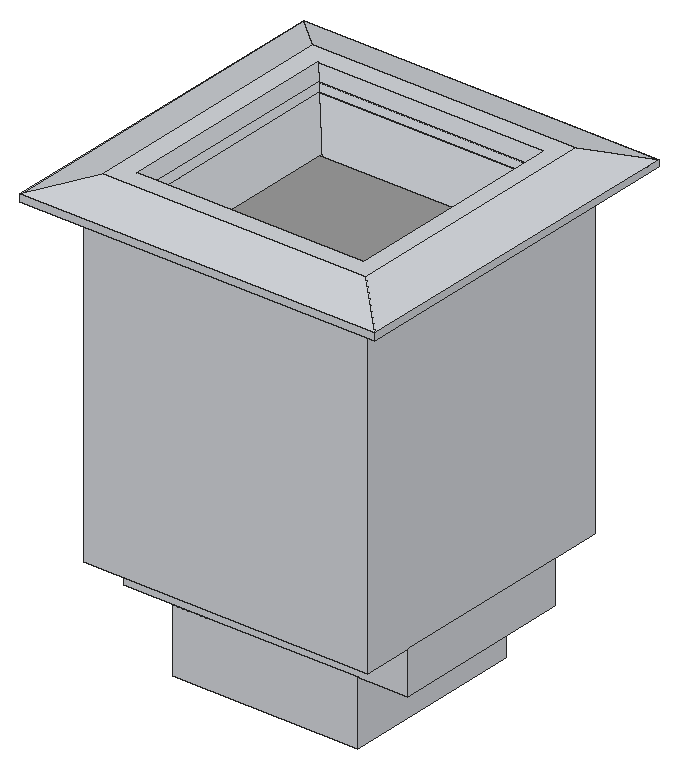
Revit family "2061306 Sylvania Lighting Fixture DOMINO 1xLED 940 BLACK NB TRIM BLACK DALI", category Lighting Fixtures, host Face, Revit 2018
Family settings
  Host = Face
  Round Connector Dimension = Use Diameter
  Part Type = Normal
  OmniClass Number = 23.80.70.00
  OmniClass Title = Lighting
  Cut with Voids When Loaded = No
  Light Source = Yes
  Shared = No
  Room Calculation Point = No
Parameters (values of type "2061306 DOMINO 1XLED 940 BLACK NB TR BLK DALI")
  top top width = 15.812 mm
  top top length = 26 mm
  Width = 50 mm
  Weight = "n/a"
  Wattage Comments = ""
  Wattage = 9.2903 W
  WarrantyStartDate [instance] = "n/a"
  WarrantyGuarantorParts = "n/a"
  WarrantyDurationUnit = "n/a"
  WarrantyDurationParts = ""
  WarrantyDescription = "http://www.sylvania-lighting.com"
  built-in parameter 1150110 = 1 (stored number, unit not read)
  Voltage = 0 V
  URL = "0.96"
  TypeName = "DOMINO 1xLED 940 BLACK NB TRIM BLACK DALI"
  Type Image = <None>
  Type Comments = "n/a"
  built-in parameter 1114217 = 1 (stored number, unit not read)
  Top Width = 26 mm
  Tilt Angle = 90.00°
  built-in parameter 1150109 = 1 (stored number, unit not read)
  built-in parameter 1150134 = 3
  built-in parameter 1150113 = 1 (stored number, unit not read)
  SerialNumber [instance] = "n/a"
  Recessed Width = 43 mm
  Recessed Length = 43 mm
  Photometric Web File = "2061306.ies"
  Material_3_FEILO = none
  PowerFactor = 0
  PowerConsumption = "Lighting"
  NominalLength = 50 mm
  NominalHeight = 0 mm
  NominalDepth = 0 mm
  Name = "DOMINO 1xLED 940 BLACK NB TRIM BLACK DALI"
  ModelReference = Name  # "DOMINO 1xLED 940 BLACK NB TRIM BLACK DALI"
  ModelNumber = "2061306"
  Model = Name  # "DOMINO 1xLED 940 BLACK NB TRIM BLACK DALI"
  Material = "Feilo Sylvania"
  ManufacturerName = "49 lm/W"
  Manufacturer = ""
  LuminousEfficacy = ""
  built-in parameter 1150105 = 109.82 (stored number, unit not read)
  Lumens = 1380 lm
  LuminaireType = "0"
  built-in parameter 1150115 = 1 (stored number, unit not read)
  LightOutputRatio = "LED"
  built-in parameter 1150137 = (empty or 0)
  built-in parameter 1150139 = (empty or 0)
  Lens inside recess = 25 mm
  Lens Width = 32 mm
  Lens Outside recess = 31.978 mm
  Lens = Glass, White, High Luminance
  Length = 50 mm
  LampsType = Lamp  # "n/a"
  LampNominalLuminous = "4000 K"
  LampMacAdamStep = "90"
  LampColourTemperature = "LED"
  LampColourRenderingIndex = "16500"
  built-in parameter 1150112 = 1 (stored number, unit not read)
  built-in parameter 1150114 = 1 (stored number, unit not read)
  Lamp = "n/a"
  Keynote = "n/a"
  InstallationDate [instance] = "n/a"
  InputVoltage = "0"
  InputNominalFrequency = "4000"
  built-in parameter 1150132 = (empty or 0)
  built-in parameter 1150102 = (empty or 0)
  built-in parameter 1150107 = 3200 (stored number, unit not read)
  built-in parameter 1150138 = (empty or 0)
  IngressProtection = "IfcLightFixtureType"
  ImpactProtectionIndex = "IfcLightFixtureType"
  built-in parameter 1150106 = 1.0982 (stored number, unit not read)
  IfcExportType = "IfcLightFixtureType"
  IfcExportAs = "Class II"
  Facia internal width = 37 mm
  Facia internal length = 37 mm
  Facia Height = 2 mm
  ExpectedLife = 50000
  Emit from Circle Diameter = 609.6 mm
  Emit Shape Visible in Rendering = no
  ElectricShockClassification = "49"
  built-in parameter 1150104 = 13.8 (stored number, unit not read)
  DurationUnit = "hours"
  DocumentationLiterature = "http://www.sylvania-lighting.com/product/en-int/products/2061306"
  DimmingControlOptions = "n/a"
  Material_2_FEILO = none
  Dimming Lamp Color Temperature Shift = <None>
  Description = "Modular LED recessed linear spotlight, ideal for retail and hospitality applications. Die-cast aluminium body, passive cooling. Two levels of reflector installation, low glaring UGR<16. 1x LED source, 15° beam angle , optics: PMMA lens and polycarbonate reflector combination, Black matt reflector finish. Light color temperature: 4000K neutral white, total system power: 4W , total fixture lumen output: 195lm, efficacy: 49 lm/W, Ra90 typical, LED chromacity: 3 step MacAdam ellipse (SDCM3), lifespan: 96,000 hours at 90% of the original output (L90B10), IR/UV free light source without heat radiation, operating voltage: 220-240V / 50-60Hz, electronic driver, ultra low flicker, DALI , electrical protection: Class II. Degree of Protection: IP40/IP20, suitable for indoor environment only. Ceiling cut-out: 43x43mm, outer dimensions:  50x50mm trim frame RAL 9005 - Jet black color.5 years Warranty."
  Default Elevation = 1219.2 mm
  CreatedOn = "09/02/2021"
  CreatedBy = "@sylvania-lighting.com"
  Cost = 0
  Color Filter = 16777215
  built-in parameter 1114216 [instance] = (empty or 0)
  ClassificationValue = "EF_70_80"
  ClassificationName = "Uniclass2015"
  Material_1_FEILO = none
  Body Width = 40 mm
  Body Length = 40 mm
  BarCode [instance] = "n/a"
  built-in parameter 1114218 = 1 (stored number, unit not read)
  built-in parameter 1150133 = 10 (stored number, unit not read)
  AssetType = "Fixed"
  AssetIdentifier [instance] = "n/a"
  Assembly Code = "D5020200"
  Apparent Load = 4 VA
  Material_4_FEILO = none
Reference planes
  plane 1 "Center (Front/Back)": y = 0
  plane 2: z = 0
  plane 3 "Center (Left/Right)": x = 0
  plane 4: z = 0
  plane 5: z = -7
  plane 6: z = -45.895
  plane 7: z = -51.895
  plane 8: z = -60.895
  plane 9: x = -21.5
  plane 10: x = 21.5
  plane 11: y = 21.5
  plane 12: y = -21.5
  plane 13: x = -25
  plane 14: x = 25
  plane 15: y = 25
  plane 16: y = -25
  plane 17: x = 18.5
  plane 18: x = -18.5
  plane 19: y = 18.5
  plane 20: y = -18.5
  plane 21: z = 2
  plane 22: x = -20
  plane 23: x = 20
  plane 24: y = 20
  plane 25: y = -20
  plane 26: y = 13
  plane 27: y = -13
  plane 28: y = 16
  plane 29: y = -16
  plane 30: x = 13
  plane 31: x = -13
  plane 32: x = -15.772
  plane 33: x = 16.206
  plane 34: y = 12.5
  plane 35: y = -12.5
  plane 36: x = -12.5
  plane 37: x = 12.5
Forms (mm)
  Extrusion 1, solid, not visible, detail levels medium+fine
    sketch origin (4.2, 0, 0) x (1, 0, 0) y (0, 1, 0)
      loop
        line (-29.2, 34.5) -> (-29.2, -34.5) -> (20.8, -34.5) -> (20.8, 34.5) -> (-29.2, 34.5)
    from 0 to 1
  Extrusion 2, solid, not visible, detail levels medium+fine
    sketch origin (4.044, 0, 0) x (1, 0, 0) y (0, 1, 0)
      loop
        line (-29.2, 34.5) -> (-29.2, -34.5) -> (20.8, -34.5) -> (20.8, 34.5) -> (-29.2, 34.5)
    from 0 to 1
  Blend 3, solid, not visible, detail levels medium+fine
    base sketch origin (4.2, 0, 0) x (1, 0, 0) y (0, 1, 0)
      loop
        line (-29.2, 34.5) -> (-29.2, -34.5) -> (20.8, -34.5) -> (20.8, 34.5) -> (-29.2, 34.5)
    top sketch origin (4.2, 0, 0) x (1, 0, 0) y (0, 1, 0)
      loop
        line (-21.7, 28) -> (-21.7, -28) -> (13.3, -28) -> (13.3, 28) -> (-21.7, 28)
    from 1 to 3
  Extrusion 4, solid, not visible, detail levels medium+fine
    sketch origin (3.419, 0, 0) x (1, 0, 0) y (0, 1, 0)
      loop
        line (-29.2, 34.5) -> (-29.2, -34.5) -> (20.8, -34.5) -> (20.8, 34.5) -> (-29.2, 34.5)
    from 0 to 1
  Blend 5, solid, not visible, detail levels medium+fine
    base sketch origin (3.575, 0, 0) x (1, 0, 0) y (0, 1, 0)
      loop
        line (-29.2, 34.5) -> (-29.2, -34.5) -> (20.8, -34.5) -> (20.8, 34.5) -> (-29.2, 34.5)
    top sketch origin (3.575, 0, 0) x (1, 0, 0) y (0, 1, 0)
      loop
        line (-21.7, 28) -> (-21.7, -28) -> (13.3, -28) -> (13.3, 28) -> (-21.7, 28)
    from 1 to 3
  Extrusion 6, solid, not visible, detail levels medium+fine
    sketch origin (4.247, 0, 0) x (1, 0, 0) y (0, 1, 0)
      loop
        line (-29.2, 34.5) -> (-29.2, -34.5) -> (20.8, -34.5) -> (20.8, 34.5) -> (-29.2, 34.5)
    from 0 to 1
  Blend 7, solid, not visible, detail levels medium+fine
    base sketch origin (4.403, 0, 0) x (1, 0, 0) y (0, 1, 0)
      loop
        line (-29.2, 34.5) -> (-29.2, -34.5) -> (20.8, -34.5) -> (20.8, 34.5) -> (-29.2, 34.5)
    top sketch origin (4.403, 0, 0) x (1, 0, 0) y (0, 1, 0)
      loop
        line (-21.7, 28) -> (-21.7, -28) -> (13.3, -28) -> (13.3, 28) -> (-21.7, 28)
    from 1 to 3
  Extrusion 8, void, detail levels medium+fine
    sketch origin (4.2, 0, 0) x (0, 1, 0) y (1, 0, 0)
      loop
        line (21.5, -25.7) -> (21.5, 17.3) -> (-21.5, 17.3) -> (-21.5, -25.7) -> (21.5, -25.7)
    from -9.934 to 83.097
  Extrusion 9, solid, detail levels medium+fine
    sketch origin (4.2, 0, 0) x (1, 0, 0) y (0, 1, 0)
      loop
        line (-29.2, 25) -> (-29.2, -25) -> (20.8, -25) -> (20.8, 25) -> (-29.2, 25)
    from 0 to 1
  Extrusion 10, solid, detail levels medium+fine
    sketch origin (4.2, 0, 0) x (1, 0, 0) y (0, 1, 0)
      loop
        line (-24.2, 20) -> (-24.2, -20) -> (15.8, -20) -> (15.8, 20) -> (-24.2, 20)
    from 0 to -45.895
  Extrusion 11, solid, detail levels medium+fine
    sketch origin (4.2, 0, 0) x (1, 0, 0) y (0, 1, 0)
      loop
        line (-24.2, 13) -> (-24.2, -13) -> (15.8, -13) -> (15.8, 13) -> (-24.2, 13)
    from -51.895 to -45.895
  Extrusion 12, solid, material "Glass, White, High Luminance" <- "Lens", detail levels fine
    sketch origin (13.547, 1218.849, 36.156) x (1, 0, 0) y (0, 1, 0)
      loop
        line (-26.047, -1206.7) -> (-26.047, -1231.7) -> (-1.047, -1231.7) -> (-1.047, -1206.7) -> (-26.047, -1206.7)
    from -43.156 to -42.182
  Blend 13, solid, detail levels medium+fine
    base sketch origin (4.2, 0, 0) x (1, 0, 0) y (0, 1, 0)
      loop
        line (-29.2, 25) -> (-29.2, -25) -> (20.8, -25) -> (20.8, 25) -> (-29.2, 25)
    top sketch origin (4.2, 0, 0) x (1, 0, 0) y (0, 1, 0)
      loop
        line (-22.7, 18.5) -> (-22.7, -18.5) -> (14.3, -18.5) -> (14.3, 18.5) -> (-22.7, 18.5)
    from 1 to 3
  Extrusion 14, solid, detail levels fine
    sketch origin (0, 0, 0) x (1, 0, 0) y (0, 0, 1)
      loop
        line (-13, -51.895) -> (-13, -60.895) -> (13, -60.895) -> (13, -51.895) -> (-13, -51.895)
    from -13 to 13
  Blend 15, void, detail levels medium+fine
    base sketch origin (4.2, 0, 0) x (0, 1, 0) y (-1, 0, 0)
      loop
        line (16, 19.972) -> (-16, 19.972) -> (-16, -12.006) -> (16, -12.006) -> (16, 19.972)
    top sketch origin (4.2, 0, 0) x (0, 1, 0) y (-1, 0, 0)
      loop
        line (12.5, 16.7) -> (-12.5, 16.7) -> (-12.5, -8.3) -> (12.5, -8.3) -> (12.5, 16.7)
    from 3 to -7
  Extrusion 16, solid, detail levels coarse
    sketch origin (4.2, 0, 0) x (1, 0, 0) y (0, 1, 0)
      loop
        line (-29.2, 25) -> (-29.2, -25) -> (20.8, -25) -> (20.8, 25) -> (-29.2, 25)
    from 3 to -60.895
Cuts and joins
  Blend 15 cuts Extrusion 9
  Blend 15 cuts Extrusion 10
  Blend 15 cuts Blend 13
Dimensions and locks
  "Recessed Length": plane 9 to plane 10
  equal spacing: plane 9, plane 3 "Center (Left/Right)", plane 10
  "Length": plane 13 to plane 14
  equal spacing: plane 13, plane 3 "Center (Left/Right)", plane 14
  "Recessed Width": plane 11 to plane 12
  equal spacing: plane 11, plane 1 "Center (Front/Back)", plane 12
  "Width": plane 15 to plane 16
  equal spacing: plane 15, plane 1 "Center (Front/Back)", plane 16
  "Facia internal length": plane 18 to plane 17
  equal spacing: plane 18, plane 3 "Center (Left/Right)", plane 17
  "Facia internal width": plane 19 to plane 20
  equal spacing: plane 19, plane 1 "Center (Front/Back)", plane 20
  "Facia Height": plane 21 to host face
  "Body Length": plane 22 to plane 23
  equal spacing: plane 22, plane 3 "Center (Left/Right)", plane 23
  "Body Width": plane 24 to plane 25
  equal spacing: plane 24, plane 1 "Center (Front/Back)", plane 25
  "Top Width": plane 26 to plane 27
  equal spacing: plane 26, plane 1 "Center (Front/Back)", plane 27
  "Lens Width": plane 28 to plane 29
  equal spacing: plane 28, plane 1 "Center (Front/Back)", plane 29
  "top top length": plane 31 to plane 30
  equal spacing: plane 31, plane 3 "Center (Left/Right)", plane 30  (x2)
  plane 30 to plane 31 = 26 mm
  equal spacing: plane 30, plane 3 "Center (Left/Right)", plane 31
  "Lens Outside recess": plane 32 to plane 33
  "Lens inside recess": plane 34 to plane 35
  equal spacing: plane 34, plane 1 "Center (Front/Back)", plane 35
  aligned and locked: plane 2 to host face
  aligned and locked: level to host face
  aligned and locked: Extrusion 11 to plane 7
  aligned and locked: Extrusion 10 to plane 6
  aligned and locked: cut or joined group of Blend 13, Blend 15 to Blend 15
Automatic sketch dimensions
  host sketch curve to host sketch curve = 2438.4 mm  (x2)
  Extrusion 1 sketch curve to Extrusion 1 sketch curve = 50 mm
  Extrusion 1 sketch curve to Extrusion 1 sketch curve = 69 mm
  Extrusion 2 sketch curve to Extrusion 2 sketch curve = 50 mm
  Extrusion 2 sketch curve to Extrusion 2 sketch curve = 69 mm
  Blend 3 sketch curve to Blend 3 sketch curve = 50 mm
  Blend 3 sketch curve to Blend 3 sketch curve = 69 mm
  Blend 3 sketch curve to Blend 3 sketch curve = 35 mm
  Blend 3 sketch curve to Blend 3 sketch curve = 56 mm
  Extrusion 4 sketch curve to Extrusion 4 sketch curve = 50 mm
  Extrusion 4 sketch curve to Extrusion 4 sketch curve = 69 mm
  Blend 5 sketch curve to Blend 5 sketch curve = 50 mm
  Blend 5 sketch curve to Blend 5 sketch curve = 69 mm
  Blend 5 sketch curve to Blend 5 sketch curve = 35 mm
  Blend 5 sketch curve to Blend 5 sketch curve = 56 mm
  Extrusion 6 sketch curve to Extrusion 6 sketch curve = 50 mm
  Extrusion 6 sketch curve to Extrusion 6 sketch curve = 69 mm
  Blend 7 sketch curve to Blend 7 sketch curve = 50 mm
  Blend 7 sketch curve to Blend 7 sketch curve = 69 mm
  Blend 7 sketch curve to Blend 7 sketch curve = 35 mm
  Blend 7 sketch curve to Blend 7 sketch curve = 56 mm
  plane 9 to Extrusion 8 sketch curve = 0 mm
  Extrusion 8 sketch curve to plane 12 = 0 mm
  Extrusion 8 sketch curve to plane 11 = 0 mm
  Extrusion 8 sketch curve to plane 10 = 0 mm
  plane 13 to Extrusion 9 sketch curve = 0 mm
  plane 14 to Extrusion 9 sketch curve = 0 mm
  Extrusion 9 sketch curve to plane 16 = 0 mm
  Extrusion 9 sketch curve to plane 15 = 0 mm
  Extrusion 10 sketch curve to plane 22 = 0 mm
  Extrusion 10 sketch curve to plane 23 = 0 mm
  Extrusion 10 sketch curve to plane 25 = 0 mm
  Extrusion 10 sketch curve to plane 24 = 0 mm
  Extrusion 11 sketch curve to plane 22 = 0 mm
  Extrusion 11 sketch curve to plane 23 = 0 mm
  Extrusion 11 sketch curve to plane 27 = 0 mm
  Extrusion 11 sketch curve to plane 26 = 0 mm
  Extrusion 12 sketch curve to plane 11 = 9.351 mm
  plane 1 "Center (Front/Back)" to Extrusion 12 sketch curve = 12.851 mm
  plane 18 to Extrusion 12 sketch curve = 6 mm
  Blend 13 sketch curve to plane 13 = 0 mm
  Blend 13 sketch curve to plane 14 = 0 mm
  Blend 13 sketch curve to plane 16 = 0 mm
  Blend 13 sketch curve to plane 15 = 0 mm
  Blend 13 sketch curve to plane 18 = 0 mm
  Blend 13 sketch curve to plane 17 = 0 mm
  Blend 13 sketch curve to plane 20 = 0 mm
  Blend 13 sketch curve to plane 19 = 0 mm
  Extrusion 12 sketch curve to Extrusion 12 sketch curve = 25 mm
  Extrusion 14 sketch curve to plane 8 = 0 mm
  Extrusion 14 sketch curve to plane 31 = 0 mm
  Extrusion 14 sketch curve to plane 30 = 0 mm
  Extrusion 14 sketch curve to plane 7 = 0 mm
  Blend 15 sketch curve to plane 29 = 0 mm
  Blend 15 sketch curve to plane 28 = 0 mm
  Blend 15 sketch curve to plane 33 = 0 mm
  Blend 15 sketch curve to plane 32 = 0 mm
  Blend 15 sketch curve to plane 35 = 0 mm
  Blend 15 sketch curve to plane 34 = 0 mm
  Blend 15 sketch curve to plane 37 = 0 mm
  Blend 15 sketch curve to plane 36 = 0 mm
  Extrusion 16 sketch curve to plane 13 = 0 mm
  Extrusion 16 sketch curve to plane 14 = 0 mm
  Extrusion 16 sketch curve to plane 16 = 0 mm
  Extrusion 16 sketch curve to plane 15 = 0 mm
Connectors
  electrical at (0, 0, -60.895)
    settings: on Extrusion 14, index 1, voltage 0 V, apparent load 0 VA, apparent load phase1 0 VA, apparent load phase2 0 VA, apparent load phase3 0 VA, power factor 1, load classification "Other", number of poles 1, system type 31, power factor state 1, is connector primary yes, connector utility no, sub classification motor no, connector description ""
